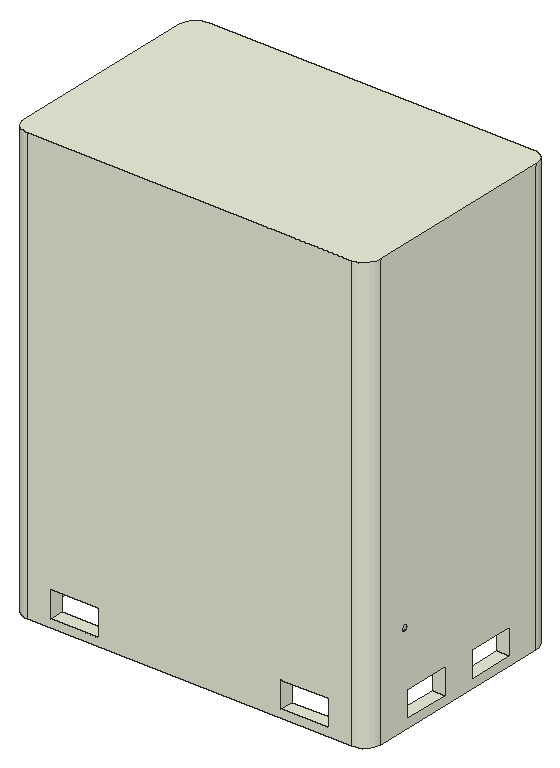
Revit family "Trane_TVR_Outdoor_4TVH0140(155_170)FE000AA_380~415V(50_60Hz)", category Equipamento mecânico, Revit 2019
Family settings
  Cota do conector redondo = Utilizar diâmetro
  Tipo de parte = Normal
  Número OmniClass = 23.75.00.00
  Título OmniClass = Climate Control (HVAC)
  Com base no plano de trabalho = Não
  Sempre na vertical = Sim
  Corte com vazios quando carregada = Não
  Compartilhado = Não
  Ponto de cálculo do ambiente = Não
Parameters (values of type "4TVH0170FE000AA")
  clearance access right = 1000.000 mm
  clearance access left = 1000.000 mm
  clearance access front = 1000.000 mm
  clearance access behind = 1000.000 mm
  clearance [instance] = yes
  Width = 1340.000 mm
  URL = "https://www.trane.com"
  Series = "ULTRA S"
  Power supply = "380-415V 3N~50Hz/60Hz"
  Net Weight = 295.00 kg
  Modelo = "4TVH0170FE000AA"
  Minimum Circuit Amps = 34.8 A
  Maximum Fuse Amps = 40 A
  Fabricante = "Trane"
  Machine material = Galvanized Steel
  Liquid pipe = 19.100 mm
  Installation = "Outdoor installation"
  Height = 1635.000 mm
  Heating Power Input = 11.47 kW
  Heating Capacity = 50.00 kW
  Gas pipe = 31.800 mm
  Gas = "R410A"
  Descrição = "High efficiency air cooled"
  Depth = 850.000 mm
  Cooling Power Input = 13.48 kW
  Cooling Capacity = 50.00 kW
  Condensation = "Air"
  Compressor = "1"
  Casing color = "white"
  Air Flow = 13000.00 m³/h
Types (4, lengths in mm): name | Net Weight | Modelo | Minimum Circuit Amps | Liquid pipe | Heating Power Input | Heating Capacity | Cooling Power Input | Cooling Capacity
  (no name) | 295.00 kg | "4TVH0170FE000AA" | 34.8 A | 19.100 | 11.47 kW | 50.00 kW | 13.48 kW | 50.00 kW
  4TVH0140FE000AA | 277.00 kg | "4TVH0140FE000AA" | 33.1 A | 15.900 | 9.11 kW | 40.00 kW | 10.61 kW | 40.00 kW
  4TVH0155FE000AA | 277.00 kg | "4TVH0155FE000AA" | 33.1 A | 15.900 | 10.51 kW | 45.00 kW | 12.47 kW | 45.00 kW
  4TVH0170FE000AA | 295.00 kg | "4TVH0170FE000AA" | 34.8 A | 19.100 | 11.47 kW | 50.00 kW | 13.48 kW | 50.00 kW
Reference planes
  plane 1 "Center (Front/Back)": y = 0
  plane 2: z = 0
  plane 3 "Center (Left/Right)": x = 0
  plane 4: z = 300
  plane 5: z = 817.5
  plane 6: z = 1635
Forms (mm)
  Extrusion 1, solid, material "Galvanized Steel" <- "Machine material", detail levels medium+fine
    sketch origin (0, 0, 0) x (1, 0, 0) y (0, 1, 0)
      loop
        arc (-610, 425) -> (-652.426, 407.426) -> (-670, 365) r 60
        line (-670, 365) -> (-670, -365)
        arc (-670, -365) -> (-652.426, -407.426) -> (-610, -425) r 60
        line (-610, -425) -> (610, -425)
        arc (610, -425) -> (652.426, -407.426) -> (670, -365) r 60
        line (670, -365) -> (670, 365)
        arc (670, 365) -> (652.426, 407.426) -> (610, 425) r 60
        line (610, 425) -> (-610, 425)
    from 0 to 1635
  Extrusion 2, solid, detail levels fine
    sketch origin (495, 195, 1219.2) x (0, 1, 0) y (0, 0, -1)
      loop
        circle (-450.462, 875.013) r 10
    from -175 to -147.789
  Extrusion 3, solid, detail levels fine
    sketch origin (0, 425, 805.574) x (0, 0, -1) y (1, 0, 0)
      loop
        circle (582.613, 496.21) r 7.95
    from 0 to 25
  Extrusion 4, solid, detail levels fine
    sketch origin (0, 425, 805.574) x (0, 0, -1) y (1, 0, 0)
      loop
        circle (584.943, 464.563) r 15.9
    from 0 to 25
  Extrusion 5, void
    sketch origin (0, 0, 0) x (1, 0, 0) y (0, 1, 0)
      loop
        line (621.272, -373.358) -> (621.272, 360) -> (-611.813, 360) -> (-611.813, -373.358) -> (621.272, -373.358)
    from 0 to 167.413
  Extrusion 6, void
    sketch origin (-215, -425, 1219.2) x (-1, 0, 0) y (0, 0, -1)
      loop
        line (308.171, 1088.007) -> (308.171, 1188.007) -> (128.171, 1188.007) -> (128.171, 1088.007) -> (308.171, 1088.007)
      loop
        line (-558.171, 1088.007) -> (-558.171, 1188.007) -> (-738.171, 1188.007) -> (-738.171, 1088.007) -> (-558.171, 1088.007)
    from -850 to 0
  Extrusion 7, void
    sketch origin (670, -655, 1219.2) x (0, -1, 0) y (0, 0, -1)
      loop
        line (-414.008, 1088.007) -> (-414.008, 1188.007) -> (-594.008, 1188.007) -> (-594.008, 1088.007) -> (-414.008, 1088.007)
      loop
        line (-715.992, 1088.007) -> (-715.992, 1188.007) -> (-895.992, 1188.007) -> (-895.992, 1088.007) -> (-715.992, 1088.007)
    from -1340 to 0
Cuts and joins
  Extrusion 5, Extrusion 6, Extrusion 7 cuts Extrusion 1
Lines and regions (mm)
  model lines
    curve 1: line (-587.789, 425, 1635) -> (587.789, 425, 1635)
    curve 2: line (670, 342.789, 1635) -> (670, -342.789, 1635)
    curve 3: line (587.789, -425, 1635) -> (-587.789, -425, 1635)
    curve 224: line (-670, 425, 1335) -> (-670, 425, 300)
    curve 225: line (-670, -425, 300) -> (-670, -425, 1335)
    curve 226: line (670, -425, 1335) -> (670, -425, 300)
    curve 227: line (670, 425, 300) -> (670, 425, 1335)
    curve 288: line (-670, 342.789, 0) -> (-587.789, 425, 0)
    curve 289: line (-587.789, 425, 0) -> (587.789, 425, 0)
    curve 290: line (587.789, 425, 0) -> (670, 342.789, 0)
    curve 291: line (670, 342.789, 0) -> (670, -342.789, 0)
    curve 292: line (670, -342.789, 0) -> (587.789, -425, 0)
    curve 293: line (587.789, -425, 0) -> (-587.789, -425, 0)
    curve 294: line (-587.789, -425, 0) -> (-670, -342.789, 0)
    curve 295: line (-670, -342.789, 0) -> (-670, 342.789, 0)
    curve 296: line (-670, 342.789, 1635) -> (-670, -342.789, 1635)
  model lines, detail levels fine
    curve 4: line (415, 395, 1348) -> (-415, 395, 1348)
    curve 21: line (-587.789, 425, 1163.147) -> (587.789, 425, 1163.147)
    curve 22: line (-587.789, 425, 763.147) -> (587.789, 425, 763.147)
    curve 23: line (523.171, 425, 238.294) -> (435.748, 425, 363.147)
    curve 24: line (-587.789, 425, 363.147) -> (587.789, 425, 363.147)
    curve 25: line (-587.789, 425, 0) -> (-587.789, 425, 1635)
    curve 26: line (587.789, 425, 1635) -> (587.789, 425, 0)
    curve 27: line (-670, -234.7, 1323.426) -> (-670, -54.7, 1323.426)
    curve 28: line (-670, -54.7, 1323.426) -> (-670, 0, 1268.726)
    curve 29: line (-670, 0, 1268.726) -> (-670, -180, 1268.726)
    curve 30: line (-670, -180, 1268.726) -> (-670, -234.7, 1323.426)
    curve 31: line (-670, 25.3, 1323.426) -> (-670, 205.3, 1323.426)
    curve 32: line (-670, 205.3, 1323.426) -> (-670, 260, 1268.726)
    curve 33: line (-670, 260, 1268.726) -> (-670, 80, 1268.726)
    curve 34: line (-670, 80, 1268.726) -> (-670, 25.3, 1323.426)
    curve 35: line (-670, -234.7, 1223.426) -> (-670, -54.7, 1223.426)
    curve 36: line (-670, -54.7, 1223.426) -> (-670, 0, 1168.726)
    curve 37: line (-670, 0, 1168.726) -> (-670, -180, 1168.726)
    curve 38: line (-670, -180, 1168.726) -> (-670, -234.7, 1223.426)
    curve 39: line (-670, 25.3, 1223.426) -> (-670, 205.3, 1223.426)
    curve 40: line (-670, 205.3, 1223.426) -> (-670, 260, 1168.726)
    curve 41: line (-670, 260, 1168.726) -> (-670, 80, 1168.726)
    curve 42: line (-670, 80, 1168.726) -> (-670, 25.3, 1223.426)
    curve 43: line (-670, -234.7, 1123.426) -> (-670, -54.7, 1123.426)
    curve 44: line (-670, -54.7, 1123.426) -> (-670, 0, 1068.726)
    curve 45: line (-670, 0, 1068.726) -> (-670, -180, 1068.726)
    curve 46: line (-670, -180, 1068.726) -> (-670, -234.7, 1123.426)
    curve 47: line (-670, 25.3, 1123.426) -> (-670, 205.3, 1123.426)
    curve 48: line (-670, 205.3, 1123.426) -> (-670, 260, 1068.726)
    curve 49: line (-670, 260, 1068.726) -> (-670, 80, 1068.726)
    curve 50: line (-670, 80, 1068.726) -> (-670, 25.3, 1123.426)
    curve 51: line (-670, -234.7, 1023.426) -> (-670, -54.7, 1023.426)
    curve 52: line (-670, -54.7, 1023.426) -> (-670, 0, 968.726)
    curve 53: line (-670, 0, 968.726) -> (-670, -180, 968.726)
    curve 54: line (-670, -180, 968.726) -> (-670, -234.7, 1023.426)
    curve 55: line (-670, 25.3, 1023.426) -> (-670, 205.3, 1023.426)
    curve 56: line (-670, 205.3, 1023.426) -> (-670, 260, 968.726)
    curve 57: line (-670, 260, 968.726) -> (-670, 80, 968.726)
    curve 58: line (-670, 80, 968.726) -> (-670, 25.3, 1023.426)
    curve 59: line (-670, -234.7, 923.426) -> (-670, -54.7, 923.426)
    curve 60: line (-670, -54.7, 923.426) -> (-670, 0, 868.726)
    curve 61: line (-670, 0, 868.726) -> (-670, -180, 868.726)
    curve 62: line (-670, -180, 868.726) -> (-670, -234.7, 923.426)
    curve 63: line (-670, 25.3, 923.426) -> (-670, 205.3, 923.426)
    curve 64: line (-670, 205.3, 923.426) -> (-670, 260, 868.726)
    curve 65: line (-670, 260, 868.726) -> (-670, 80, 868.726)
    curve 66: line (-670, 80, 868.726) -> (-670, 25.3, 923.426)
    curve 67: line (-670, -234.7, 823.426) -> (-670, -54.7, 823.426)
    curve 68: line (-670, -54.7, 823.426) -> (-670, 0, 768.726)
    curve 69: line (-670, 0, 768.726) -> (-670, -180, 768.726)
    curve 70: line (-670, -180, 768.726) -> (-670, -234.7, 823.426)
    curve 71: line (-670, 25.3, 823.426) -> (-670, 205.3, 823.426)
    curve 72: line (-670, 205.3, 823.426) -> (-670, 260, 768.726)
    curve 73: line (-670, 260, 768.726) -> (-670, 80, 768.726)
    curve 74: line (-670, 80, 768.726) -> (-670, 25.3, 823.426)
    curve 75: line (-670, -234.7, 723.426) -> (-670, -54.7, 723.426)
    curve 76: line (-670, -54.7, 723.426) -> (-670, 0, 668.726)
    curve 77: line (-670, 0, 668.726) -> (-670, -180, 668.726)
    curve 78: line (-670, -180, 668.726) -> (-670, -234.7, 723.426)
    curve 79: line (-670, 25.3, 723.426) -> (-670, 205.3, 723.426)
    curve 80: line (-670, 205.3, 723.426) -> (-670, 260, 668.726)
    curve 81: line (-670, 260, 668.726) -> (-670, 80, 668.726)
    curve 82: line (-670, 80, 668.726) -> (-670, 25.3, 723.426)
    curve 83: line (-670, -234.7, 623.426) -> (-670, -54.7, 623.426)
    curve 84: line (-670, -54.7, 623.426) -> (-670, 0, 568.726)
    curve 85: line (-670, 0, 568.726) -> (-670, -180, 568.726)
    curve 86: line (-670, 205.3, 623.426) -> (-670, 260, 568.726)
    curve 87: line (-670, 260, 568.726) -> (-670, 80, 568.726)
    curve 88: line (-670, 80, 568.726) -> (-670, 25.3, 623.426)
    curve 89: line (-670, -234.7, 523.426) -> (-670, -54.7, 523.426)
    curve 90: line (-670, -54.7, 523.426) -> (-670, 0, 468.726)
    curve 91: line (-670, 0, 468.726) -> (-670, -180, 468.726)
    curve 92: line (-670, 25.3, 523.426) -> (-670, 205.3, 523.426)
    curve 93: line (-670, 205.3, 523.426) -> (-670, 260, 468.726)
    curve 94: line (-670, 260, 468.726) -> (-670, 80, 468.726)
    curve 95: line (-670, 80, 468.726) -> (-670, 25.3, 523.426)
    curve 96: line (-670, -234.7, 423.426) -> (-670, -54.7, 423.426)
    curve 97: line (-670, -54.7, 423.426) -> (-670, 0, 368.726)
    curve 98: line (-670, 0, 368.726) -> (-670, -180, 368.726)
    curve 99: line (-670, -180, 368.726) -> (-670, -234.7, 423.426)
    curve 100: line (-670, 25.3, 423.426) -> (-670, 205.3, 423.426)
    curve 101: line (-670, 205.3, 423.426) -> (-670, 260, 368.726)
    curve 102: line (-670, 260, 368.726) -> (-670, 80, 368.726)
    curve 103: line (-670, 80, 368.726) -> (-670, 25.3, 423.426)
    curve 104: line (-670, -234.7, 323.426) -> (-670, -54.7, 323.426)
    curve 105: line (-670, -54.7, 323.426) -> (-670, 0, 268.726)
    curve 106: line (-670, -180, 268.726) -> (-670, -234.7, 323.426)
    curve 107: line (-670, 25.3, 323.426) -> (-670, 205.3, 323.426)
    curve 108: line (-670, 205.3, 323.426) -> (-670, 260, 268.726)
    curve 109: line (-670, 80, 268.726) -> (-670, 25.3, 323.426)
    curve 110: line (-670, 0, 1595) -> (-670, 300, 1595)
    curve 111: line (-670, 300, 1595) -> (-670, 300, 1390)
    curve 112: line (-670, 300, 1390) -> (-670, 0, 1390)
    curve 113: line (-670, 0, 1595) -> (-670, -300, 1595)
    curve 114: line (-670, -300, 1595) -> (-670, -300, 1390)
    curve 115: line (-670, -300, 1390) -> (-670, 0, 1390)
    curve 116: line (-670, -340, 1360) -> (-670, 0, 1360)
    curve 117: line (-670, 360, 1360) -> (-670, 0, 1360)
    curve 118: line (670, -234.7, 1323.426) -> (670, -54.7, 1323.426)
    curve 119: line (670, -54.7, 1323.426) -> (670, 0, 1268.726)
    curve 120: line (670, 0, 1268.726) -> (670, -180, 1268.726)
    curve 121: line (670, -180, 1268.726) -> (670, -234.7, 1323.426)
    curve 122: line (670, 25.3, 1323.426) -> (670, 205.3, 1323.426)
    curve 123: line (670, 205.3, 1323.426) -> (670, 260, 1268.726)
    curve 124: line (670, 260, 1268.726) -> (670, 80, 1268.726)
    curve 125: line (670, 80, 1268.726) -> (670, 25.3, 1323.426)
    curve 126: line (670, -234.7, 1223.426) -> (670, -54.7, 1223.426)
    curve 127: line (670, -54.7, 1223.426) -> (670, 0, 1168.726)
    curve 128: line (670, 0, 1168.726) -> (670, -180, 1168.726)
    curve 129: line (670, -180, 1168.726) -> (670, -234.7, 1223.426)
    curve 130: line (670, 25.3, 1223.426) -> (670, 205.3, 1223.426)
    curve 131: line (670, 205.3, 1223.426) -> (670, 260, 1168.726)
    curve 132: line (670, 260, 1168.726) -> (670, 80, 1168.726)
    curve 133: line (670, 80, 1168.726) -> (670, 25.3, 1223.426)
    curve 134: line (670, -234.7, 1123.426) -> (670, -54.7, 1123.426)
    curve 135: line (670, -54.7, 1123.426) -> (670, 0, 1068.726)
    curve 136: line (670, 0, 1068.726) -> (670, -180, 1068.726)
    curve 137: line (670, -180, 1068.726) -> (670, -234.7, 1123.426)
    curve 138: line (670, 25.3, 1123.426) -> (670, 205.3, 1123.426)
    curve 139: line (670, 205.3, 1123.426) -> (670, 260, 1068.726)
    curve 140: line (670, 260, 1068.726) -> (670, 80, 1068.726)
    curve 141: line (670, 80, 1068.726) -> (670, 25.3, 1123.426)
    curve 142: line (670, -234.7, 1023.426) -> (670, -54.7, 1023.426)
    curve 143: line (670, -54.7, 1023.426) -> (670, 0, 968.726)
    curve 144: line (670, 0, 968.726) -> (670, -180, 968.726)
    curve 145: line (670, -180, 968.726) -> (670, -234.7, 1023.426)
    curve 146: line (670, 25.3, 1023.426) -> (670, 205.3, 1023.426)
    curve 147: line (670, 205.3, 1023.426) -> (670, 260, 968.726)
    curve 148: line (670, 260, 968.726) -> (670, 80, 968.726)
    curve 149: line (670, 80, 968.726) -> (670, 25.3, 1023.426)
    curve 150: line (670, -234.7, 923.426) -> (670, -54.7, 923.426)
    curve 151: line (670, -54.7, 923.426) -> (670, 0, 868.726)
    curve 152: line (670, 0, 868.726) -> (670, -180, 868.726)
    curve 153: line (670, -180, 868.726) -> (670, -234.7, 923.426)
    curve 154: line (670, 25.3, 923.426) -> (670, 205.3, 923.426)
    curve 155: line (670, 205.3, 923.426) -> (670, 260, 868.726)
    curve 156: line (670, 260, 868.726) -> (670, 80, 868.726)
    curve 157: line (670, 80, 868.726) -> (670, 25.3, 923.426)
    curve 158: line (670, -234.7, 823.426) -> (670, -54.7, 823.426)
    curve 159: line (670, -54.7, 823.426) -> (670, 0, 768.726)
    curve 160: line (670, 0, 768.726) -> (670, -180, 768.726)
    curve 161: line (670, -180, 768.726) -> (670, -234.7, 823.426)
    curve 162: line (670, 25.3, 823.426) -> (670, 205.3, 823.426)
    curve 163: line (670, 205.3, 823.426) -> (670, 260, 768.726)
    curve 164: line (670, 260, 768.726) -> (670, 80, 768.726)
    curve 165: line (670, 80, 768.726) -> (670, 25.3, 823.426)
    curve 166: line (670, -234.7, 723.426) -> (670, -54.7, 723.426)
    curve 167: line (670, -54.7, 723.426) -> (670, 0, 668.726)
    curve 168: line (670, 0, 668.726) -> (670, -180, 668.726)
    curve 169: line (670, -180, 668.726) -> (670, -234.7, 723.426)
    curve 170: line (670, 25.3, 723.426) -> (670, 205.3, 723.426)
    curve 171: line (670, 205.3, 723.426) -> (670, 260, 668.726)
    curve 172: line (670, 260, 668.726) -> (670, 80, 668.726)
    curve 173: line (670, 80, 668.726) -> (670, 25.3, 723.426)
    curve 174: line (670, -234.7, 623.426) -> (670, -54.7, 623.426)
    curve 175: line (670, -54.7, 623.426) -> (670, 0, 568.726)
    curve 176: line (670, 0, 568.726) -> (670, -180, 568.726)
    curve 177: line (670, 205.3, 623.426) -> (670, 260, 568.726)
    curve 178: line (670, 260, 568.726) -> (670, 80, 568.726)
    curve 179: line (670, 80, 568.726) -> (670, 25.3, 623.426)
    curve 180: line (670, -234.7, 523.426) -> (670, -54.7, 523.426)
    curve 181: line (670, -54.7, 523.426) -> (670, 0, 468.726)
    curve 182: line (670, 0, 468.726) -> (670, -180, 468.726)
    curve 183: line (670, 25.3, 523.426) -> (670, 205.3, 523.426)
    curve 184: line (670, 205.3, 523.426) -> (670, 260, 468.726)
    curve 185: line (670, 260, 468.726) -> (670, 80, 468.726)
    curve 186: line (670, 80, 468.726) -> (670, 25.3, 523.426)
    curve 187: line (670, -234.7, 423.426) -> (670, -54.7, 423.426)
    curve 188: line (670, -54.7, 423.426) -> (670, 0, 368.726)
    curve 189: line (670, 0, 368.726) -> (670, -180, 368.726)
    curve 190: line (670, -180, 368.726) -> (670, -234.7, 423.426)
    curve 191: line (670, 25.3, 423.426) -> (670, 205.3, 423.426)
    curve 192: line (670, 205.3, 423.426) -> (670, 260, 368.726)
    curve 193: line (670, 260, 368.726) -> (670, 80, 368.726)
    curve 194: line (670, 80, 368.726) -> (670, 25.3, 423.426)
    curve 195: line (670, -234.7, 323.426) -> (670, -54.7, 323.426)
    curve 196: line (670, -54.7, 323.426) -> (670, 0, 268.726)
    curve 197: line (670, -180, 268.726) -> (670, -234.7, 323.426)
    curve 198: line (670, 25.3, 323.426) -> (670, 205.3, 323.426)
    curve 199: line (670, 205.3, 323.426) -> (670, 260, 268.726)
    curve 200: line (670, 80, 268.726) -> (670, 25.3, 323.426)
    curve 201: line (670, 0, 1595) -> (670, 300, 1595)
    curve 202: line (670, 300, 1595) -> (670, 300, 1390)
    curve 203: line (670, 300, 1390) -> (670, 0, 1390)
    curve 204: line (670, 0, 1595) -> (670, -300, 1595)
    curve 205: line (670, -300, 1595) -> (670, -300, 1390)
    curve 206: line (670, -300, 1390) -> (670, 0, 1390)
    curve 207: line (670, -340, 300) -> (670, -340, 1360)
    curve 208: line (670, -340, 1360) -> (670, 0, 1360)
    curve 209: line (670, 360, 300) -> (670, 360, 1360)
    curve 210: line (670, 360, 1360) -> (670, 0, 1360)
    curve 211: line (0, 425, 238.294) -> (523.171, 425, 238.294)
    curve 212: line (-670, 0, 268.726) -> (-670, -180, 268.726)
    curve 213: line (-670, 260, 268.726) -> (-670, 80, 268.726)
    curve 214: line (-670, 205.3, 623.426) -> (-670, 25.3, 623.426)
    curve 215: line (-670, -180, 568.726) -> (-670, -234.7, 623.426)
    curve 216: line (-670, -180, 468.726) -> (-670, -234.7, 523.426)
    curve 217: line (670, 205.3, 623.426) -> (670, 25.3, 623.426)
    curve 218: line (670, 0, 268.726) -> (670, -180, 268.726)
    curve 219: line (670, 260, 268.726) -> (670, 80, 268.726)
    curve 220: line (670, -180, 568.726) -> (670, -234.7, 623.426)
    curve 221: line (670, -180, 468.726) -> (670, -234.7, 523.426)
    curve 222: line (-670, 342.789, 0) -> (-670, 342.789, 1635)
    curve 223: line (-670, -342.789, 1635) -> (-670, -342.789, 0)
    curve 228: line (670, -342.789, 1635) -> (670, -342.789, 0)
    curve 229: line (670, 342.789, 0) -> (670, 342.789, 1635)
    curve 230: line (-670, -278.861, 1307.587) -> (-670, -312.032, 1307.587)
    curve 231: line (-670, -278.861, 1040.757) -> (-670, -278.861, 1307.587)
    curve 232: line (-670, -312.032, 1040.757) -> (-670, -278.861, 1040.757)
    curve 233: line (-670, -312.032, 1307.587) -> (-670, -312.032, 1040.757)
    curve 234: line (-670, -278.861, 950.915) -> (-670, -312.032, 950.915)
    curve 235: line (-670, -278.861, 684.085) -> (-670, -278.861, 950.915)
    curve 236: line (-670, -312.032, 684.085) -> (-670, -278.861, 684.085)
    curve 237: line (-670, -312.032, 950.915) -> (-670, -312.032, 684.085)
    curve 238: line (-670, -278.861, 327.413) -> (-670, -312.032, 327.413)
    curve 239: line (-670, -278.861, 594.243) -> (-670, -278.861, 327.413)
    curve 240: line (-670, -312.032, 594.243) -> (-670, -278.861, 594.243)
    curve 241: line (-670, -312.032, 327.413) -> (-670, -312.032, 594.243)
    curve 242: line (670, -278.861, 1307.587) -> (670, -312.032, 1307.587)
    curve 243: line (670, -278.861, 1040.757) -> (670, -278.861, 1307.587)
    curve 244: line (670, -312.032, 1040.757) -> (670, -278.861, 1040.757)
    curve 245: line (670, -312.032, 1307.587) -> (670, -312.032, 1040.757)
    curve 246: line (670, -278.861, 950.915) -> (670, -312.032, 950.915)
    curve 247: line (670, -278.861, 684.085) -> (670, -278.861, 950.915)
    curve 248: line (670, -312.032, 684.085) -> (670, -278.861, 684.085)
    curve 249: line (670, -312.032, 950.915) -> (670, -312.032, 684.085)
    curve 250: line (670, -278.861, 327.413) -> (670, -312.032, 327.413)
    curve 251: line (670, -278.861, 594.243) -> (670, -278.861, 327.413)
    curve 252: line (670, -312.032, 594.243) -> (670, -278.861, 594.243)
    curve 253: line (670, -312.032, 327.413) -> (670, -312.032, 594.243)
    curve 254: line (-670, -425, 1335) -> (670, -425, 1335)
    curve 255: line (-670, -425, 823.426) -> (670, -425, 823.426)
    curve 256: line (-670, -425, 300) -> (670, -425, 300)
    curve 257: line (-587.789, -425, 1635) -> (-587.789, -425, 0)
    curve 258: line (587.789, -425, 1635) -> (587.789, -425, 0)
    curve 259: line (395, 425, 1380.284) -> (395, 425, 143.625)
    curve 260: line (140, 425, 143.625) -> (140, 425, 1380.284)
    curve 261: line (-395, 425, 1380.284) -> (-395, 425, 143.625)
    curve 262: line (-140, 425, 143.625) -> (-140, 425, 1380.284)
    curve 263: line (-523.171, 425, 238.294) -> (-435.748, 425, 363.147)
    curve 264: line (0, 425, 238.294) -> (-523.171, 425, 238.294)
    curve 265: line (-523.171, 425, 488) -> (-435.748, 425, 363.147)
    curve 266: line (0, 425, 488) -> (-523.171, 425, 488)
    curve 267: line (523.171, 425, 488) -> (435.748, 425, 363.147)
    curve 268: line (0, 425, 488) -> (523.171, 425, 488)
    curve 269: line (523.171, 425, 638.294) -> (435.748, 425, 763.147)
    curve 270: line (0, 425, 638.294) -> (523.171, 425, 638.294)
    curve 271: line (-523.171, 425, 638.294) -> (-435.748, 425, 763.147)
    curve 272: line (0, 425, 638.294) -> (-523.171, 425, 638.294)
    curve 273: line (-523.171, 425, 888) -> (-435.748, 425, 763.147)
    curve 274: line (0, 425, 888) -> (-523.171, 425, 888)
    curve 275: line (523.171, 425, 888) -> (435.748, 425, 763.147)
    curve 276: line (0, 425, 888) -> (523.171, 425, 888)
    curve 277: line (523.171, 425, 1038.294) -> (435.748, 425, 1163.147)
    curve 278: line (0, 425, 1038.294) -> (523.171, 425, 1038.294)
    curve 279: line (-523.171, 425, 1038.294) -> (-435.748, 425, 1163.147)
    curve 280: line (0, 425, 1038.294) -> (-523.171, 425, 1038.294)
    curve 281: line (-523.171, 425, 1288) -> (-435.748, 425, 1163.147)
    curve 282: line (0, 425, 1288) -> (-523.171, 425, 1288)
    curve 283: line (523.171, 425, 1288) -> (435.748, 425, 1163.147)
    curve 284: line (0, 425, 1288) -> (523.171, 425, 1288)
    curve 285: line (-587.789, 425, 1443.147) -> (587.789, 425, 1443.147)
    curve 286: line (-587.789, 425, 140.498) -> (587.789, 425, 140.498)
    curve 287: line (-587.789, 425, 1380.284) -> (587.789, 425, 1380.284)
  model lines, detail levels medium+fine
    curve 5: line (0, 0, 1635) -> (254.558, 254.558, 1635)
    curve 6: line (254.558, 254.558, 1635) -> (0, 0, 1635)
    curve 7: line (0, 0, 1635) -> (-254.558, -254.558, 1635)
    curve 8: line (-254.558, -254.558, 1635) -> (0, 0, 1635)
    curve 9: line (0, 0, 1635) -> (254.558, -254.558, 1635)
    curve 10: line (254.558, -254.558, 1635) -> (0, 0, 1635)
    curve 11: line (0, 0, 1635) -> (-254.558, 254.558, 1635)
    curve 12: circle (0, 0, 1635) r 40 normal (0, 0, 1)
    curve 13: circle (0, 0, 1635) r 80 normal (0, 0, 1)
    curve 14: circle (0, 0, 1635) r 120 normal (0, 0, 1)
    curve 15: circle (0, 0, 1635) r 160 normal (0, 0, 1)
    curve 16: circle (0, 0, 1635) r 200 normal (0, 0, 1)
    curve 17: circle (0, 0, 1635) r 240 normal (0, 0, 1)
    curve 18: circle (0, 0, 1635) r 280 normal (0, 0, 1)
    curve 19: circle (0, 0, 1635) r 320 normal (0, 0, 1)
    curve 20: circle (0, 0, 1635) r 360 normal (0, 0, 1)
Dimensions and locks
  aligned and locked: level to plane 2
Connectors
  electrical at (670, -255.462, 344.187)
    settings: on Extrusion 2, index 1, voltage 0 V, apparent load 0 VA, apparent load phase1 0 VA, apparent load phase2 0 VA, apparent load phase3 0 VA, power factor 1, load classification "Other", number of poles 1, system type 31, power factor state 1, is connector primary yes, connector utility no, sub classification motor no, connector description "The location of  electrical connectors is not the same as the actual location because the wiring terminal is inside the unit."
  piping at (496.21, 425, 222.96), diameter 15.9
    settings: on Extrusion 3, index 2, connector inside diameter 0.62598", connector length 0.000 mm, flow factor 0, pipe flow 0 GPM, pressure drop 0.00 psi, fitting loss kfactor 0, connector angle 0.00°, fixture units 0, engagement length 0.000 mm, angle of deflection 0.00°, flow configuration 0, flow direction 0, fitting loss method 0, system type 7, joint type 0, gender type 0, connector reference index -1, connector utility 0, adjustable connector no, is connector primary yes, connector description "Liquid pipe Φ15.9mm"
  piping at (464.563, 425, 220.63), diameter 31.8
    settings: on Extrusion 4, index 3, connector inside diameter 1.25197", connector length 0.000 mm, flow factor 0, pipe flow 0 GPM, pressure drop 0.00 psi, fitting loss kfactor 0, connector angle 0.00°, fixture units 0, engagement length 0.000 mm, angle of deflection 0.00°, flow configuration 0, flow direction 0, fitting loss method 0, system type 7, joint type 0, gender type 0, connector reference index -1, connector utility 0, adjustable connector no, is connector primary no, connector description "Gas pipe Φ31.8mm"
